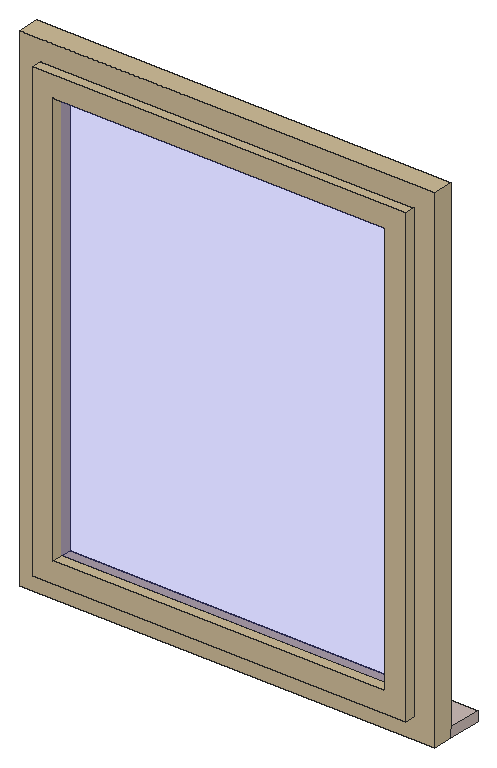
Revit family
Parameters (values of type "1000/1200")
  Operation = "L10/210"
  Keynote = "L10/210"
  Height = 120 cm
  Default Sill Height = 80 cm
  Wall Closure = (empty or 0)
  Width = 100 cm
Types (4, lengths in cm): name | Width
  (no name) | 100
  800/1200 | 100
  1000/1200 | 100
  1200/1200 | 120
Reference planes (cm)
  plane 1: y = 0.0519
  plane 2 "Center": x = 0
  plane 3 "Left": x = -50
  plane 4 "Right": x = 50
  plane 5 "Sill": z = 80
  plane 6 "Head": z = 200
  plane 7: y = 2.5519
  plane 8: y = -4.9481
  plane 9: y = -2.4481
  plane 10: z = 190
  plane 11: z = 195
  plane 12: z = 90
  plane 13: z = 85
  plane 14: x = -45
  plane 15: x = -40
  plane 16: x = 40
  plane 17: x = 45
  plane 18: z = 82.5
Forms (cm)
  Extrusion 1, solid, material "Default Frame"
    sketch origin (0, 0, 0) x (0, 0, -1) y (1, 0, 0)
      loop
        line (-200, -50) -> (-80, -50) -> (-80, 50) -> (-200, 50) -> (-200, -50)
      loop
        line (-195, -45) -> (-85, -45) -> (-85, 45) -> (-195, 45) -> (-195, -45)
    from -2.5519 to 2.4481
  Extrusion 2, solid, material "Default Frame"
    sketch origin (0, 0, 0) x (0, 0, -1) y (1, 0, 0)
      loop
        line (-195, -45) -> (-85, -45) -> (-85, 45) -> (-195, 45) -> (-195, -45)
      loop
        line (-190, -40) -> (-90, -40) -> (-90, 40) -> (-190, 40) -> (-190, -40)
    from 0 to 4.9481
  Extrusion 3, solid, material "Glass"
    sketch origin (0, 0, 0) x (0, 0, -1) y (1, 0, 0)
      loop
        line (-190, -40) -> (-90, -40) -> (-90, 40) -> (-190, 40) -> (-190, -40)
    from 2.4481 to 2.5481
  Extrusion 4, solid, material "Default Sill", detail levels fine
    sketch origin (0, 0.0519, 0) x (0, 0, -1) y (1, 0, 0)
      loop
        line (-82.5, 50) -> (-82.5, -50) -> (-80, -50) -> (-80, 50) -> (-82.5, 50)
    from -10.4481 to -2.5
Lines and regions (cm)
  Opening 1
    outline origin (350, -7.5, 0) x (1, 0, 0) y (0, 0, 1)
      loop
        line (-300, 80) -> (-300, 200) -> (-400, 200) -> (-400, 80) -> (-300, 80)
  symbolic lines, style "Elevation Swing"
    curve 1: line (45, 0, 85) -> (0, 0, 195)
    curve 2: line (0, 0, 195) -> (-45, 0, 85)
Text (cm)
  text "EXTERIOR" at (-325.9869, 133.2353, 0), in view "Ref. Level"
  text "INTERIOR" at (-325.9869, -81.8386, 0), in view "Ref. Level"
  text "Exterior" at (0, 92.3751, 416.4757), in view "Right"
  text "Exterior" at (0, 211.3942, 406.8519), in view "Left"
Dimensions and locks (cm)
  equal spacing: plane 3 "Left", plane 2 "Center", plane 4 "Right"
  "Width": plane 3 "Left" to plane 4 "Right"
  "Height": plane 5 "Sill" to plane 6 "Head"
  "Default Sill Height": plane 5 "Sill" to level
  plane 8 to plane 9 to plane 1 to plane 7 = 2.5 cm locked, 2.5 cm locked, 2.5 cm locked
  plane 3 "Left" to plane 14 to plane 15 = 5 cm locked, 5 cm locked
  plane 16 to plane 17 to plane 4 "Right" = 5 cm locked, 5 cm locked
  plane 12 to plane 13 to plane 5 "Sill" = 5 cm locked, 5 cm locked
  plane 6 "Head" to plane 11 to plane 10 = 5 cm locked, 5 cm locked
  locked: Extrusion 3 to plane 9 at 0.1
  locked: plane 5 "Sill" to plane 18 at 2.5
  locked: Extrusion 4 to host wall at 3
  aligned and locked: Extrusion 1 to plane 7
  aligned and locked: plane 9 to Extrusion 1
  aligned and locked: plane 8 to Extrusion 2
  aligned and locked: Extrusion 2 to host wall
  aligned and locked: Extrusion 3 to plane 9
  aligned and locked: plane 7 to Extrusion 4
Automatic sketch dimensions
  Opening 1 sketch curve to plane 3 "Left" = 0 cm
  Opening 1 sketch curve to plane 4 "Right" = 0 cm
  Opening 1 sketch curve to plane 5 "Sill" = 0 cm
  Opening 1 sketch curve to plane 6 "Head" = 0 cm
  Extrusion 1 sketch curve to plane 4 "Right" = 0 cm
  Extrusion 1 sketch curve to plane 6 "Head" = 0 cm
  Extrusion 1 sketch curve to plane 11 = 0 cm
  Extrusion 1 sketch curve to plane 13 = 0 cm
  Extrusion 1 sketch curve to plane 5 "Sill" = 0 cm
  Extrusion 1 sketch curve to plane 3 "Left" = 0 cm
  Extrusion 1 sketch curve to plane 14 = 0 cm
  Extrusion 1 sketch curve to plane 17 = 0 cm
  Extrusion 2 sketch curve to plane 11 = 0 cm
  Extrusion 2 sketch curve to plane 10 = 0 cm
  Extrusion 2 sketch curve to plane 12 = 0 cm
  Extrusion 2 sketch curve to plane 13 = 0 cm
  Extrusion 2 sketch curve to plane 14 = 0 cm
  Extrusion 2 sketch curve to plane 15 = 0 cm
  Extrusion 2 sketch curve to plane 16 = 0 cm
  Extrusion 2 sketch curve to plane 17 = 0 cm
  Extrusion 3 sketch curve to plane 10 = 0 cm
  Extrusion 3 sketch curve to plane 12 = 0 cm
  Extrusion 3 sketch curve to plane 15 = 0 cm
  Extrusion 3 sketch curve to plane 16 = 0 cm
  Extrusion 4 sketch curve to plane 3 "Left" = 0 cm
  Extrusion 4 sketch curve to plane 18 = 0 cm
  Extrusion 4 sketch curve to plane 4 "Right" = 0 cm
  Extrusion 4 sketch curve to plane 5 "Sill" = 0 cm
  curve 1 to plane 2 "Center" = 0 cm
  curve 1 to plane 11 = 0 cm
  curve 2 to plane 13 = 0 cm
  curve 1 to plane 13 = 0 cm
  curve 2 to plane 14 = 0 cm
  curve 1 to plane 17 = 0 cm
